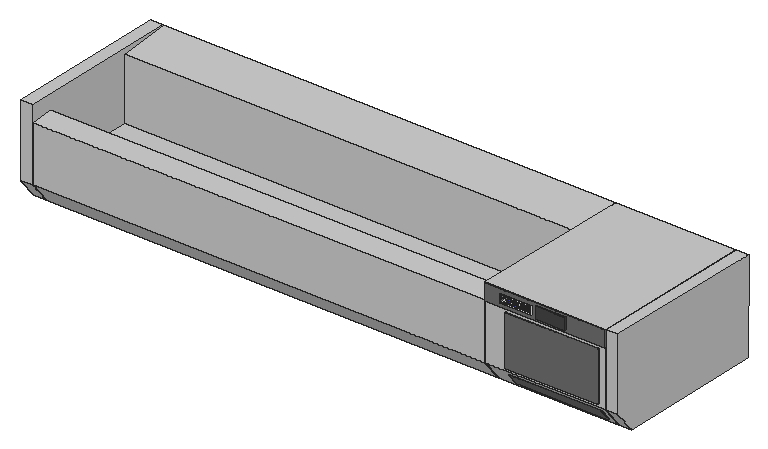
Revit family "Qf_Afinox_VRS1450S", category Specialty Equipment, Revit 2014
Parameters
  Show Logo [instance] = yes
  Show Clearance [instance] = yes
Reference planes
  plane 1 "Back": y = 0
  plane 2: z = 0
  plane 3 "Left": x = 0
  plane 4 "Right": x = 1450
  plane 5 "Front": y = -395
  plane 6 "Top": z = 225
Forms (mm)
  Extrusion 1, solid
    sketch origin (350, 0, 0) x (0, 1, 0) y (0, 0, 1)
      loop
        line (0, 225) -> (-118.091, 213.424) -> (-118.091, 63.424) -> (-342.706, 63.424) -> (-342.706, 191.405) -> (-395, 186.278) -> (-395, 50) -> (-354.511, 0) -> (0, 0) -> (0, 225)
    from -320 to 778
  Extrusion 2, solid
    sketch origin (0, 0, 0) x (0, 1, 0) y (0, 0, 1)
      loop
        line (0, 225) -> (-395, 225) -> (-395, 50) -> (-354.511, 0) -> (0, 0) -> (0, 225)
    from 0 to 30
  Extrusion 3, solid
    sketch origin (1420, 0, 0) x (0, 1, 0) y (0, 0, 1)
      loop
        line (0, 225) -> (-395, 225) -> (-395, 50) -> (-354.511, 0) -> (0, 0) -> (0, 225)
    from 0 to 30
  Extrusion 4, solid
    sketch origin (1390, 0, 0) x (0, 1, 0) y (0, 0, 1)
      loop
        line (0, 225) -> (-395, 225) -> (-395, 50) -> (-354.511, 0) -> (0, 0) -> (0, 225)
    from -262 to 30
  Extrusion 5, solid
    sketch origin (350, -394, -0.038) x (1, 0, 0) y (0, 0, 1)
      loop
        arc (829.65, 178.011) -> (827.352, 177.059) -> (826.4, 174.761) r 3.25
        line (826.4, 174.761) -> (826.4, 59.261)
        arc (826.4, 59.261) -> (827.352, 56.963) -> (829.65, 56.011) r 3.25
        line (829.65, 56.011) -> (1050.15, 56.011)
        arc (1050.15, 56.011) -> (1052.448, 56.963) -> (1053.4, 59.261) r 3.25
        line (1053.4, 59.261) -> (1053.4, 174.761)
        arc (1053.4, 174.761) -> (1052.448, 177.059) -> (1050.15, 178.011) r 3.25
        line (1050.15, 178.011) -> (829.65, 178.011)
    from 0 to 2
  Extrusion 6, solid
    sketch origin (350, -273.564, -98.372) x (1, 0, 0) y (0, -0.62932, 0.777146)
      loop
        arc (829.65, 178.011) -> (827.352, 177.059) -> (826.4, 174.761) r 3.25
        line (826.4, 174.761) -> (826.4, 141.843)
        arc (826.4, 141.843) -> (827.352, 139.544) -> (829.65, 138.593) r 3.25
        line (829.65, 138.593) -> (1050.15, 138.593)
        arc (1050.15, 138.593) -> (1052.448, 139.544) -> (1053.4, 141.843) r 3.25
        line (1053.4, 141.843) -> (1053.4, 174.761)
        arc (1053.4, 174.761) -> (1052.448, 177.059) -> (1050.15, 178.011) r 3.25
        line (1050.15, 178.011) -> (829.65, 178.011)
    from 0 to 2
  Extrusion 7, solid
    sketch origin (342.335, -397, -1.215) x (1, 0, 0) y (0, 0, 1)
      loop
        line (912.065, 221.354) -> (912.065, 192.354) -> (983.065, 192.354) -> (983.065, 221.354) -> (912.065, 221.354)
    from 0 to 3
  Extrusion 8, solid, visible <- "Show Logo"
    sketch origin (987.556, -397, -384.108) x (1, 0, 0) y (0, 0, 1)
      loop
        line (179.287, 599.596) -> (179.287, 579.899) -> (254.287, 579.899) -> (254.287, 599.596) -> (179.287, 599.596)
      loop
        line (199.226, 597.323) -> (199.226, 582.172) -> (253.014, 582.172) -> (253.014, 597.323) -> (199.226, 597.323)
      loop
        line (180.287, 597.323) -> (180.287, 582.172) -> (198.848, 582.172) -> (198.848, 597.323) -> (180.287, 597.323)
    from 0 to 2
  Extrusion 9, solid, visible <- "Show Logo"
    sketch origin (194.53, -397, -622.718) x (1, 0, 0) y (0, 0, 1)
      loop
        arc (994.034, 825.04) -> (994.842, 823.416) -> (996.479, 824.198) r 1.293
        line (996.479, 824.198) -> (996.958, 825.22) -> (1000.192, 825.22) -> (1000.6, 824.198)
        arc (1000.6, 824.198) -> (1002.252, 823.366) -> (1003.039, 825.04) r 1.291
        line (1003.039, 825.04) -> (999.801, 832.415)
        arc (999.801, 832.415) -> (998.57, 833.402) -> (997.337, 832.418) r 1.263
        line (997.337, 832.418) -> (994.034, 825.04)
      loop
        line (999.576, 827.427) -> (998.603, 829.738) -> (997.631, 827.445) -> (999.576, 827.427)
      loop
        line (1004.344, 832.421) -> (1004.344, 824.556)
        arc (1004.344, 824.556) -> (1005.631, 823.448) -> (1006.918, 824.556) r 1.302
        line (1006.918, 824.556) -> (1006.918, 827.178) -> (1010.126, 827.178)
        arc (1010.126, 827.178) -> (1011.3, 828.493) -> (1010.126, 829.808) r 1.323
        line (1010.126, 829.808) -> (1006.918, 829.808) -> (1006.918, 830.954) -> (1010.126, 830.954)
        arc (1010.126, 830.954) -> (1011.264, 832.233) -> (1010.126, 833.511) r 1.287
        line (1010.126, 833.511) -> (1005.326, 833.511)
        arc (1005.326, 833.511) -> (1004.652, 833.13) -> (1004.344, 832.421) r 1.22
      loop
        line (1012.593, 832.457) -> (1012.593, 824.488)
        arc (1012.593, 824.488) -> (1013.928, 823.343) -> (1015.262, 824.488) r 1.35
        line (1015.262, 824.488) -> (1015.262, 832.457)
        arc (1015.262, 832.457) -> (1013.928, 833.516) -> (1012.593, 832.457) r 1.37
      loop
        arc (1019.372, 832.457) -> (1018.038, 833.516) -> (1016.703, 832.457) r 1.37
        line (1016.703, 832.457) -> (1016.703, 824.488)
        arc (1016.703, 824.488) -> (1018.038, 823.343) -> (1019.372, 824.488) r 1.35
        line (1019.372, 824.488) -> (1019.372, 828.473) -> (1022.448, 824.488)
        arc (1022.448, 824.488) -> (1023.783, 823.343) -> (1025.118, 824.488) r 1.35
        line (1025.118, 824.488) -> (1025.118, 832.457)
        arc (1025.118, 832.457) -> (1023.783, 833.516) -> (1022.448, 832.457) r 1.37
        line (1022.448, 832.457) -> (1022.448, 828.473) -> (1019.372, 832.457)
      loop
        circle (1031.159, 828.429) r 5.095
      loop
        circle (1031.159, 828.429) r 2.733
      loop
        line (1036.425, 831.5) -> (1038.763, 828.375) -> (1036.365, 825.267)
        arc (1036.365, 825.267) -> (1036.712, 823.621) -> (1038.393, 823.703) r 1.296
        line (1038.393, 823.703) -> (1040.42, 826.313) -> (1042.28, 823.703)
        arc (1042.28, 823.703) -> (1043.993, 823.58) -> (1044.434, 825.238) r 1.346
        line (1044.434, 825.238) -> (1042.048, 828.408) -> (1044.37, 831.408)
        arc (1044.37, 831.408) -> (1044.07, 833.196) -> (1042.269, 832.987) r 1.316
        line (1042.269, 832.987) -> (1040.366, 830.453) -> (1038.502, 833.054)
        arc (1038.502, 833.054) -> (1036.78, 833.19) -> (1036.425, 831.5) r 1.308
      loop
        line (1046.04, 835.933) -> (992.253, 835.933) -> (992.253, 820.782) -> (1046.04, 820.782) -> (1046.04, 835.933)
    from 0 to 2
  Extrusion 10, solid, visible <- "Show Logo"
    sketch origin (187.402, -397, -442.664) x (1, 0, 0) y (0, 0, 1)
      loop
        line (980.441, 655.879) -> (980.441, 640.728) -> (999.001, 640.728) -> (999.001, 655.879) -> (980.441, 655.879)
      loop
        arc (982.146, 642.435) -> (982.404, 641.667) -> (983.211, 641.586) r 0.747
        line (983.211, 641.586) -> (989.781, 644.576) -> (996.334, 641.6)
        arc (996.334, 641.6) -> (997.088, 641.702) -> (997.296, 642.435) r 0.695
        line (997.296, 642.435) -> (990.231, 654.688)
        arc (990.231, 654.688) -> (989.721, 654.992) -> (989.211, 654.688) r 0.58
        line (989.211, 654.688) -> (982.146, 642.435)
    from 0 to 2
  Extrusion 11, solid, visible <- "Show Logo"
    sketch origin (153.114, -397, -392.26) x (1, 0, 0) y (0, 0, 1)
      loop
        arc (1016.435, 592.031) -> (1016.693, 591.262) -> (1017.5, 591.182) r 0.747
        line (1017.5, 591.182) -> (1024.07, 594.172) -> (1030.623, 591.195)
        arc (1030.623, 591.195) -> (1031.377, 591.298) -> (1031.584, 592.031) r 0.695
        line (1031.584, 592.031) -> (1024.52, 604.283)
        arc (1024.52, 604.283) -> (1024.01, 604.588) -> (1023.5, 604.283) r 0.58
        line (1023.5, 604.283) -> (1016.435, 592.031)
      loop
        arc (1035.45, 594.582) -> (1036.258, 592.958) -> (1037.895, 593.739) r 1.293
        line (1037.895, 593.739) -> (1038.374, 594.762) -> (1041.608, 594.762) -> (1042.016, 593.739)
        arc (1042.016, 593.739) -> (1043.668, 592.908) -> (1044.455, 594.582) r 1.291
        line (1044.455, 594.582) -> (1041.218, 601.957)
        arc (1041.218, 601.957) -> (1039.986, 602.943) -> (1038.753, 601.959) r 1.263
        line (1038.753, 601.959) -> (1035.45, 594.582)
      loop
        line (1040.992, 596.969) -> (1040.02, 599.279) -> (1039.047, 596.987) -> (1040.992, 596.969)
      loop
        arc (1045.76, 594.097) -> (1047.047, 592.99) -> (1048.334, 594.097) r 1.302
        line (1048.334, 594.097) -> (1048.334, 596.72) -> (1051.542, 596.72)
        arc (1051.542, 596.72) -> (1052.716, 598.035) -> (1051.542, 599.35) r 1.323
        line (1051.542, 599.35) -> (1048.334, 599.35) -> (1048.334, 600.496) -> (1051.542, 600.496)
        arc (1051.542, 600.496) -> (1052.681, 601.774) -> (1051.542, 603.052) r 1.287
        line (1051.542, 603.052) -> (1046.742, 603.052)
        arc (1046.742, 603.052) -> (1046.069, 602.672) -> (1045.76, 601.962) r 1.22
        line (1045.76, 601.962) -> (1045.76, 594.097)
      loop
        arc (1054.01, 594.029) -> (1055.344, 592.884) -> (1056.679, 594.029) r 1.35
        line (1056.679, 594.029) -> (1056.679, 601.999)
        arc (1056.679, 601.999) -> (1055.344, 603.058) -> (1054.01, 601.999) r 1.37
        line (1054.01, 601.999) -> (1054.01, 594.029)
      loop
        arc (1058.12, 594.029) -> (1059.454, 592.884) -> (1060.789, 594.029) r 1.35
        line (1060.789, 594.029) -> (1060.789, 598.014) -> (1063.865, 594.029)
        arc (1063.865, 594.029) -> (1065.199, 592.884) -> (1066.534, 594.029) r 1.35
        line (1066.534, 594.029) -> (1066.534, 601.999)
        arc (1066.534, 601.999) -> (1065.199, 603.058) -> (1063.865, 601.999) r 1.37
        line (1063.865, 601.999) -> (1063.865, 598.014) -> (1060.789, 601.999)
        arc (1060.789, 601.999) -> (1059.454, 603.058) -> (1058.12, 601.999) r 1.37
        line (1058.12, 601.999) -> (1058.12, 594.029)
      loop
        circle (1072.575, 597.971) r 5.095
      loop
        circle (1072.575, 597.971) r 2.733
      loop
        line (1080.18, 597.917) -> (1077.782, 594.809)
        arc (1077.782, 594.809) -> (1078.129, 593.163) -> (1079.809, 593.245) r 1.296
        line (1079.809, 593.245) -> (1081.836, 595.854) -> (1083.697, 593.245)
        arc (1083.697, 593.245) -> (1085.409, 593.121) -> (1085.851, 594.78) r 1.346
        line (1085.851, 594.78) -> (1083.464, 597.949) -> (1085.787, 600.95)
        arc (1085.787, 600.95) -> (1085.486, 602.737) -> (1083.686, 602.528) r 1.316
        line (1083.686, 602.528) -> (1081.782, 599.994) -> (1079.918, 602.596)
        arc (1079.918, 602.596) -> (1078.197, 602.731) -> (1077.841, 601.041) r 1.308
        line (1077.841, 601.041) -> (1080.18, 597.917)
    from 0 to 2
  Extrusion 12, solid
    sketch origin (215.935, -395, 3.646) x (1, 0, 0) y (0, 0, 1)
      loop
        line (912.065, 221.354) -> (912.065, 182.633) -> (1204.065, 182.633) -> (1204.065, 221.354) -> (912.065, 221.354)
    from 0 to 2
  Extrusion 13, solid
    sketch origin (350, -6.8, 0) x (1, 0, 0) y (0, 0, 1)
      loop
        circle (1050, 20) r 5
    from -17.6 to -6.8
  Extrusion 14, solid
    sketch origin (350, 0, 0) x (1, 0, 0) y (0, 0, 1)
      loop
        line (-320, 13) -> (1070, 13) -> (1070, 186) -> (-320, 186) -> (-320, 13)
      loop
        circle (1050, 20) r 5
    from -10.8 to 0
Lines and regions (mm)
  symbolic lines, style "200-EquipBorder-2D"
    curve 1: line (0, 0, 0) -> (1450, 0, 0)
    curve 2: line (0, -395, 0) -> (0, 0, 0)
    curve 3: line (1450, -395, 0) -> (0, -395, 0)
    curve 4: line (1450, 0, 0) -> (1450, -395, 0)
    curve 10: line (30, 0, 0) -> (30, 10.8, 0)
    curve 11: line (30, 10.8, 0) -> (1420, 10.8, 0)
    curve 12: line (1420, 10.8, 0) -> (1420, 0, 0)
  symbolic lines, style "200-EquipInternal-2D"
    curve 5: line (30, 0, 0) -> (30, -395, 0)
    curve 6: line (1128, 0, 0) -> (1128, -395, 0)
    curve 7: line (1420, 0, 0) -> (1420, -395, 0)
    curve 8: line (1128, -342.706, 0) -> (30, -342.706, 0)
    curve 9: line (30, -118.091, 0) -> (1128, -118.091, 0)
Dimensions and locks
  plane 3 "Left" to plane 4 "Right" = 1450 mm
  plane 5 "Front" to plane 1 "Back" = 395 mm
  plane 6 "Top" to level = 225 mm
  aligned and locked: level to plane 2
  aligned and locked: Extrusion 1 to Extrusion 2
  aligned and locked: Extrusion 14 to Extrusion 1
Connectors
  electrical at (1400, 10.8, 20)
    settings: on Extrusion 13, index 1, voltage 0 V, apparent load 0 VA, apparent load phase1 0 VA, apparent load phase2 0 VA, apparent load phase3 0 VA, power factor 1, load classification "Other", number of poles 1, system type 31, power factor state 1, is connector primary yes, connector utility no, sub classification motor no, connector description "Electrical connection"
